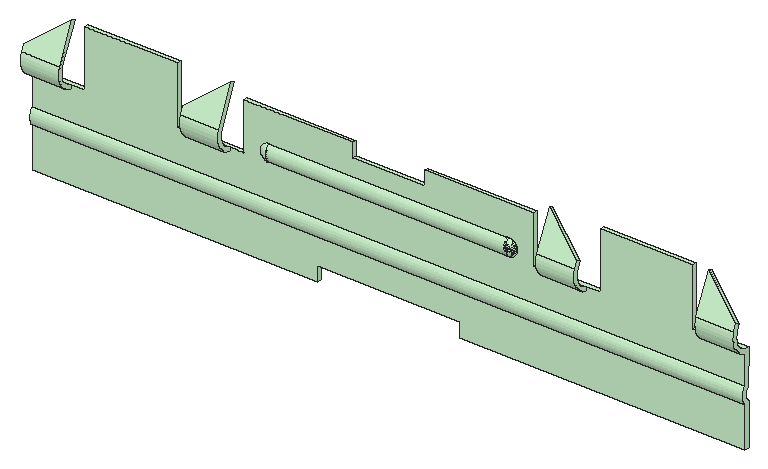
Revit family "Tバーストレートジョイント(アルミ用)", category 機械設備, Revit 2020
Family settings
  丸型コネクタ寸法 = 直径を使用
  種別 = なし
  パーツ タイプ = 標準
  作業面ベース = いいえ
  常に垂直 = はい
  ロード時にボイドで切り取り = いいえ
  共有 = いいえ
  部屋計算ポイント = いいえ
Parameters
  製造元 = "株式会社桐井製作所"
  既定の高さ = 0 mm
  URL = "https://www.kirii.co.jp/"
  K_品名 = "TバーストレートジョイントⅡ(アルミ用)"
  K_名称 = "アルミTバージョイント"
  K_入数 = "500"
  K_備考 = "eAT4025、eAT4050兼用"
  K_バージョン情報 = "20220915"
Reference planes
  plane 1 "中心(正面/背面)": y = 0
  plane 2: z = 0
  plane 3 "中心(左/右)": x = 0
Forms (mm)
  Extrusion 1, solid
    sketch origin (0, -60.459, -6.05) x (0, 1, 0) y (0, 0, 1)
      loop
        line (61.259, 6.05) -> (61.259, 14.889)
        arc (61.259, 14.889) -> (60.589, 16.3) -> (61.259, 17.711) r 1.819
        line (61.259, 17.711) -> (61.259, 37.05) -> (60.459, 37.05) -> (60.459, 18.05)
        arc (60.459, 18.05) -> (59.789, 16.3) -> (60.459, 14.55) r 2.619
        line (60.459, 14.55) -> (60.459, 6.05) -> (61.259, 6.05)
    from -75 to 75
  Extrusion 2, void
    sketch origin (0, 0, 0) x (1, 0, 0) y (0, 0, 1)
      loop
        line (-75, 31) -> (-75, 19) -> (-64, 19) -> (-64, 31) -> (-75, 31)
    from -0.8 to 0
  Extrusion 3, void
    sketch origin (0, 0, 0) x (1, 0, 0) y (0, 0, 1)
      loop
        line (44.5, 31) -> (-44.5, 31) -> (-44.5, 19) -> (-30.5, 19) -> (-30.5, 29) -> (-7.5, 29) -> (-7.5, 26) -> (7.5, 26) -> (7.5, 29) -> (30.5, 29) -> (30.5, 19) -> (44.5, 19) -> (44.5, 31)
    from -0.8 to 0
  Extrusion 4, void
    sketch origin (0, 0, 0) x (1, 0, 0) y (0, 0, 1)
      loop
        line (75, 31) -> (64, 31) -> (64, 19) -> (75, 19) -> (75, 31)
    from -0.8 to 0
  Extrusion 5, solid
    sketch origin (0, 0, -0.821) x (0, 1, 0) y (0, 0, 1)
      loop
        line (1.101, 31.507) -> (0.37, 31.831) -> (-2.915, 24.402)
        arc (-2.915, 24.402) -> (-2.72, 21.019) -> (0, 19) r 4
        line (0, 19) -> (0, 19.821)
        arc (0, 19.821) -> (-2.047, 21.458) -> (-2.199, 24.083) r 3.2
        line (-2.199, 24.083) -> (1.101, 31.507)
    from -75 to -67
  Extrusion 6, void
    sketch origin (0, -12.222, 2.684) x (1, 0, 0) y (0, 0.406186, 0.913791)
      loop
        line (-75, 24.287) -> (-67, 31) -> (-75, 31) -> (-75, 24.287)
    from -0.8 to 0
  Extrusion 7, void
    sketch origin (33.5, -12.222, 2.684) x (1, 0, 0) y (0, 0.406186, 0.913791)
      loop
        line (-75, 24.287) -> (-67, 31) -> (-75, 31) -> (-75, 24.287)
    from -0.8 to 0
  Extrusion 8, solid
    sketch origin (0, 0, -0.821) x (0, 1, 0) y (0, 0, -1)
      loop
        line (1.101, -31.507) -> (-2.199, -24.083)
        arc (-2.199, -24.083) -> (-2.047, -21.458) -> (0, -19.821) r 3.2
        line (0, -19.821) -> (0, -19)
        arc (0, -19) -> (-2.72, -21.019) -> (-2.915, -24.402) r 4
        line (-2.915, -24.402) -> (0.37, -31.831) -> (1.101, -31.507)
    from -75 to -67
  Extrusion 9, void
    sketch origin (0, -12.222, 2.684) x (-1, 0, 0) y (0, -0.406186, -0.913791)
      loop
        line (-75, -24.287) -> (-75, -31) -> (-67, -31) -> (-75, -24.287)
    from -0.8 to 0
  Extrusion 10, void
    sketch origin (-33.5, -12.222, 2.684) x (-1, 0, 0) y (0, -0.406186, -0.913791)
      loop
        line (-75, -24.287) -> (-75, -31) -> (-67, -31) -> (-75, -24.287)
    from -0.8 to 0
  Extrusion 11, void
    sketch origin (0, 0, 0) x (1, 0, 0) y (0, 0, 1)
      loop
        line (-15, 3) -> (-15, 0) -> (15, 0) -> (15, 3) -> (-15, 3)
    from -0.8 to 0
  Extrusion 12, solid
    sketch origin (-33.5, 0, -0.821) x (0, 1, 0) y (0, 0, -1)
      loop
        line (1.101, -31.507) -> (-2.199, -24.083)
        arc (-2.199, -24.083) -> (-2.047, -21.458) -> (0, -19.821) r 3.2
        line (0, -19.821) -> (0, -19)
        arc (0, -19) -> (-2.72, -21.019) -> (-2.915, -24.402) r 4
        line (-2.915, -24.402) -> (0.37, -31.831) -> (1.101, -31.507)
    from -75 to -67
  Extrusion 13, solid
    sketch origin (33.5, 0, -0.821) x (0, 1, 0) y (0, 0, 1)
      loop
        line (1.101, 31.507) -> (0.37, 31.831) -> (-2.915, 24.402)
        arc (-2.915, 24.402) -> (-2.72, 21.019) -> (0, 19) r 4
        line (0, 19) -> (0, 19.821)
        arc (0, 19.821) -> (-2.047, 21.458) -> (-2.199, 24.083) r 3.2
        line (-2.199, 24.083) -> (1.101, 31.507)
    from -75 to -67
  Extrusion 14, void
    sketch origin (33.5, -12.222, 2.684) x (1, 0, 0) y (0, 0.406186, 0.913791)
      loop
        line (-75, 24.287) -> (-67, 31) -> (-75, 31) -> (-75, 24.287)
    from -0.8 to 0
  Extrusion 15, void
    sketch origin (0, 0.8, 0) x (0, 1, 0) y (0, 0, 1)
      loop
        arc (0, 22.5) -> (-0.8, 20.75) -> (0, 19) r 2.314
        line (0, 19) -> (0, 22.5)
    from -25.25 to 25.25
  Revolve 16, void
    sketch origin (-25.25, 0.8, 0) x (0, 1, 0) y (0, 0, 1)
      loop
        line (0, 20.75) -> (-0.8, 20.75)
        arc (-0.8, 20.75) -> (-0.591, 19.788) -> (0, 19) r 2.314
        line (0, 19) -> (0, 20.75)
      axis (0, 20.75) -> (-1, 20.75)
    angle from 0 to 360
  Revolve 17, void
    sketch origin (25.25, 0.8, 0) x (0, 1, 0) y (0, 0, 1)
      loop
        line (0, 20.75) -> (-0.8, 20.75)
        arc (-0.8, 20.75) -> (-0.591, 19.788) -> (0, 19) r 2.314
        line (0, 19) -> (0, 20.75)
      axis (0, 20.75) -> (-1, 20.75)
    angle from 0 to 360
  Revolve 18, solid
    sketch origin (25.25, 0, 0) x (0, 1, 0) y (0, 0, 1)
      loop
        line (0, 20.75) -> (-0.8, 20.75)
        arc (-0.8, 20.75) -> (-0.591, 19.788) -> (0, 19) r 2.314
        line (0, 19) -> (0, 20.75)
      axis (0, 20.75) -> (-1, 20.75)
    angle from 0 to 360
  Revolve 19, solid
    sketch origin (25.25, 0, 0) x (0, 1, 0) y (0, 0, 1)
      loop
        line (0, 20.75) -> (-0.8, 20.75)
        arc (-0.8, 20.75) -> (-0.591, 19.788) -> (0, 19) r 2.314
        line (0, 19) -> (0, 20.75)
      axis (0, 20.75) -> (-1, 20.75)
    angle from 0 to 360
  Revolve 20, solid
    sketch origin (25.25, 0, 0) x (0, 1, 0) y (0, 0, 1)
      loop
        line (0, 20.75) -> (-0.8, 20.75)
        arc (-0.8, 20.75) -> (-0.591, 19.788) -> (0, 19) r 2.314
        line (0, 19) -> (0, 20.75)
      axis (0, 20.75) -> (-1, 20.75)
    angle from 0 to 360
  Revolve 21, solid
    sketch origin (25.25, 0, 0) x (0, 1, 0) y (0, 0, 1)
      loop
        line (0, 20.75) -> (-0.8, 20.75)
        arc (-0.8, 20.75) -> (-0.591, 19.788) -> (0, 19) r 2.314
        line (0, 19) -> (0, 20.75)
      axis (0, 20.75) -> (-1, 20.75)
    angle from 0 to 360
  Revolve 22, solid
    sketch origin (25.25, 0, 0) x (0, 1, 0) y (0, 0, 1)
      loop
        line (0, 20.75) -> (-0.8, 20.75)
        arc (-0.8, 20.75) -> (-0.591, 19.788) -> (0, 19) r 2.314
        line (0, 19) -> (0, 20.75)
      axis (0, 20.75) -> (-1, 20.75)
    angle from 0 to 360
  Extrusion 23, solid
    sketch origin (0, 0, 0) x (0, 1, 0) y (0, 0, 1)
      loop
        arc (0, 22.5) -> (-0.8, 20.75) -> (0, 19) r 2.314
        line (0, 19) -> (0, 22.5)
    from -25.25 to 25.25
  Revolve 24, solid
    sketch origin (-25.25, 0, 0) x (0, 1, 0) y (0, 0, 1)
      loop
        line (0, 20.75) -> (-0.8, 20.75)
        arc (-0.8, 20.75) -> (-0.591, 19.788) -> (0, 19) r 2.314
        line (0, 19) -> (0, 20.75)
      axis (0, 20.75) -> (-1, 20.75)
    angle from 0 to 360
Cuts and joins
  Extrusion 2, Extrusion 3, Extrusion 4, Extrusion 7, Extrusion 9, Extrusion 11, Extrusion 14, Extrusion 15, Revolve 16, Revolve 17 cuts Extrusion 1
  Extrusion 3, Extrusion 6, Extrusion 7, Extrusion 9, Extrusion 11, Extrusion 14, Extrusion 15 cuts Extrusion 5
  Extrusion 3, Extrusion 9, Extrusion 11, Extrusion 14, Extrusion 15 cuts Extrusion 8
  Extrusion 10, Extrusion 15 cuts Extrusion 12
  Extrusion 14, Extrusion 15 cuts Extrusion 13
  Extrusion 3 cuts Extrusion 23
  joined: Extrusion 1, Extrusion 5, Extrusion 8, Extrusion 12, Extrusion 13, Revolve 22, Extrusion 23, Revolve 24
Dimensions and locks
  aligned and locked: level to plane 2
